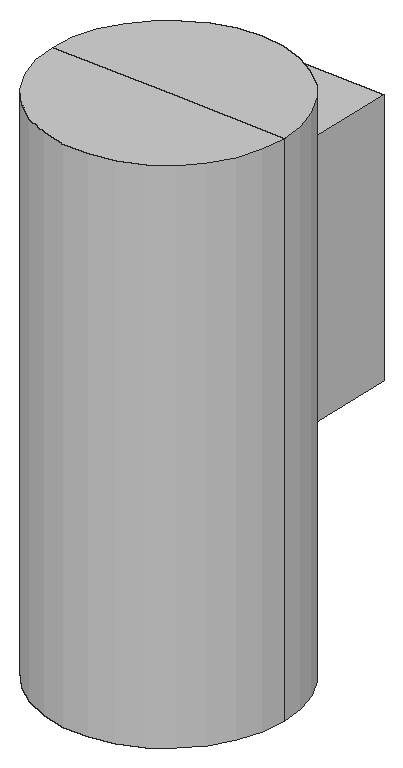
Revit family "WALL SINGLE TUBE 02_AM18W.1.38", category Luminarias, Revit 2019
Family settings
  Cota de conector redondo = Diámetro de uso
  Tipo de pieza = Normal
  Se basa en plano de trabajo = Sí
  Siempre vertical = No
  Corte con vacíos al cargar = No
  Origen de luz = Sí
  Compartido = No
  Punto de cálculo de habitación = No
Parameters (values of type "WALL SINGLE TUBE 02_AM18W.1.38")
  Ángulo de inclinación = 60.00°
  Zone [instance] = ""
  Watt per fixture = 20
  Wattage = 20 W
  built-in parameter 1150107 = 3000 (stored number, unit not read)
  built-in parameter 1150110 = 1 (stored number, unit not read)
  built-in parameter 1150109 = 1 (stored number, unit not read)
  built-in parameter 1150112 = 1 (stored number, unit not read)
  built-in parameter 1150113 = 1 (stored number, unit not read)
  built-in parameter 1114218 = 1 (stored number, unit not read)
  Keynote = ""
  built-in parameter 1150137 = (empty or 0)
  built-in parameter 1150132 = (empty or 0)
  Modelo = "AM18W.1.38"
  Lámpara = "NICHIA"
  built-in parameter 1150105 = 113.95 (stored number, unit not read)
  built-in parameter 1150102 = (empty or 0)
  built-in parameter 1150106 = 1.1395 (stored number, unit not read)
  Lumens = 1432 lm
  Color Filter = 16777215
  built-in parameter 1114217 = 1 (stored number, unit not read)
  built-in parameter 1150139 = (empty or 0)
  Fabricante = "BRILLANT"
  Default Elevation = 0 mm
  built-in parameter 1150104 = 6.6519 (stored number, unit not read)
  Descripción = "LUMINARIA DIRIGIBLE EN FORMA TUBULAR TIPO ARBOTANTE, DE MATERIAL EN ALEACION DE ALUMINIO EXTRUIDO CON UN PESO DE 2KG, CON 1 LED TIPO NICHIA CON UNA POTENCIA TOTAL DE 20W, 1432 LUMENES, TEMPERATURA EN BLANCO CALIDO 3000K, IRC 80, IP 65, IK10, APERTURA DE  38 GRADOS POR PROYECTO, CORRIENTE DE OPERACIÓN 178mA, CABLE DE 0.3M, ALIMENTADO A 100-277VAC"
  built-in parameter 1150115 = 1 (stored number, unit not read)
  built-in parameter 1150114 = 1 (stored number, unit not read)
  Comentarios de vataje = "100-277V"
  built-in parameter 1150138 = (empty or 0)
  built-in parameter 1150134 = (empty or 0)
  Circuit [instance] = ""
  Dimming Lamp Color Temperature Shift = (empty or 0)
  Archivo de red fotométrica = "AM18W.1_38º.IES"
  built-in parameter 1150133 = 10 (stored number, unit not read)
Reference planes
  plane 1 "Centro (Frontal/Posterior)": y = 0
  plane 2: z = 0
  plane 3 "Centro (Izquierda/Derecha)": x = 0
Forms (mm)
  Revolve 1, solid, material "Cristal", not visible
    sketch origin (-152, 0, 0) x (0, 1, 0) y (0, 0, -1)
      loop
        line (0, -8.749) -> (0, -7.25) -> (-1.499, -7.25)
        arc (-1.499, -7.25) -> (-1.06, -8.31) -> (0, -8.749) r 1.499
      axis (0, -7.25) -> (-1.499, -7.25)
    angle from 0 to 360
  Revolve 2, solid, material "Cristal", not visible
    sketch origin (-136, 0, 0) x (0, 1, 0) y (0, 0, -1)
      loop
        line (0, -8.749) -> (0, -7.25) -> (-1.499, -7.25)
        arc (-1.499, -7.25) -> (-1.06, -8.31) -> (0, -8.749) r 1.499
      axis (0, -7.25) -> (-1.499, -7.25)
    angle from 0 to 360
  Revolve 3, solid, material "Cristal", not visible
    sketch origin (-120, 0, 0) x (0, 1, 0) y (0, 0, -1)
      loop
        line (0, -8.749) -> (0, -7.25) -> (-1.499, -7.25)
        arc (-1.499, -7.25) -> (-1.06, -8.31) -> (0, -8.749) r 1.499
      axis (0, -7.25) -> (-1.499, -7.25)
    angle from 0 to 360
  Revolve 4, solid, material "Cristal", not visible
    sketch origin (-104, 0, 0) x (0, 1, 0) y (0, 0, -1)
      loop
        line (0, -8.749) -> (0, -7.25) -> (-1.499, -7.25)
        arc (-1.499, -7.25) -> (-1.06, -8.31) -> (0, -8.749) r 1.499
      axis (0, -7.25) -> (-1.499, -7.25)
    angle from 0 to 360
  Revolve 5, solid, material "Cristal", not visible
    sketch origin (-88, 0, 0) x (0, 1, 0) y (0, 0, -1)
      loop
        line (0, -8.749) -> (0, -7.25) -> (-1.499, -7.25)
        arc (-1.499, -7.25) -> (-1.06, -8.31) -> (0, -8.749) r 1.499
      axis (0, -7.25) -> (-1.499, -7.25)
    angle from 0 to 360
  Revolve 6, solid, material "Cristal", not visible
    sketch origin (-72, 0, 0) x (0, 1, 0) y (0, 0, -1)
      loop
        line (0, -8.749) -> (0, -7.25) -> (-1.499, -7.25)
        arc (-1.499, -7.25) -> (-1.06, -8.31) -> (0, -8.749) r 1.499
      axis (0, -7.25) -> (-1.499, -7.25)
    angle from 0 to 360
  Revolve 7, solid, material "Cristal", not visible
    sketch origin (-56, 0, 0) x (0, 1, 0) y (0, 0, -1)
      loop
        line (0, -8.749) -> (0, -7.25) -> (-1.499, -7.25)
        arc (-1.499, -7.25) -> (-1.06, -8.31) -> (0, -8.749) r 1.499
      axis (0, -7.25) -> (-1.499, -7.25)
    angle from 0 to 360
  Revolve 8, solid, material "Cristal", not visible
    sketch origin (-40, 0, 0) x (0, 1, 0) y (0, 0, -1)
      loop
        line (0, -8.749) -> (0, -7.25) -> (-1.499, -7.25)
        arc (-1.499, -7.25) -> (-1.06, -8.31) -> (0, -8.749) r 1.499
      axis (0, -7.25) -> (-1.499, -7.25)
    angle from 0 to 360
  Revolve 9, solid, material "Cristal", not visible
    sketch origin (-24, 0, 0) x (0, 1, 0) y (0, 0, -1)
      loop
        line (0, -8.749) -> (0, -7.25) -> (-1.499, -7.25)
        arc (-1.499, -7.25) -> (-1.06, -8.31) -> (0, -8.749) r 1.499
      axis (0, -7.25) -> (-1.499, -7.25)
    angle from 0 to 360
  Revolve 10, solid, material "Cristal", not visible
    sketch origin (-8, 0, 0) x (0, 1, 0) y (0, 0, -1)
      loop
        line (0, -8.749) -> (0, -7.25) -> (-1.499, -7.25)
        arc (-1.499, -7.25) -> (-1.06, -8.31) -> (0, -8.749) r 1.499
      axis (0, -7.25) -> (-1.499, -7.25)
    angle from 0 to 360
  Revolve 11, solid, material "Cristal", not visible
    sketch origin (8, 0, 0) x (0, 1, 0) y (0, 0, -1)
      loop
        line (0, -8.749) -> (0, -7.25) -> (-1.499, -7.25)
        arc (-1.499, -7.25) -> (-1.06, -8.31) -> (0, -8.749) r 1.499
      axis (0, -7.25) -> (-1.499, -7.25)
    angle from 0 to 360
  Revolve 12, solid, material "Cristal", not visible
    sketch origin (24, 0, 0) x (0, 1, 0) y (0, 0, -1)
      loop
        line (0, -8.749) -> (0, -7.25) -> (-1.499, -7.25)
        arc (-1.499, -7.25) -> (-1.06, -8.31) -> (0, -8.749) r 1.499
      axis (0, -7.25) -> (-1.499, -7.25)
    angle from 0 to 360
  Revolve 13, solid, material "Cristal", not visible
    sketch origin (40, 0, 0) x (0, 1, 0) y (0, 0, -1)
      loop
        line (0, -8.749) -> (0, -7.25) -> (-1.499, -7.25)
        arc (-1.499, -7.25) -> (-1.06, -8.31) -> (0, -8.749) r 1.499
      axis (0, -7.25) -> (-1.499, -7.25)
    angle from 0 to 360
  Revolve 14, solid, material "Cristal", not visible
    sketch origin (56, 0, 0) x (0, 1, 0) y (0, 0, -1)
      loop
        line (0, -8.749) -> (0, -7.25) -> (-1.499, -7.25)
        arc (-1.499, -7.25) -> (-1.06, -8.31) -> (0, -8.749) r 1.499
      axis (0, -7.25) -> (-1.499, -7.25)
    angle from 0 to 360
  Revolve 15, solid, material "Cristal", not visible
    sketch origin (72, 0, 0) x (0, 1, 0) y (0, 0, -1)
      loop
        line (0, -8.749) -> (0, -7.25) -> (-1.499, -7.25)
        arc (-1.499, -7.25) -> (-1.06, -8.31) -> (0, -8.749) r 1.499
      axis (0, -7.25) -> (-1.499, -7.25)
    angle from 0 to 360
  Revolve 16, solid, material "Cristal", not visible
    sketch origin (88, 0, 0) x (0, 1, 0) y (0, 0, -1)
      loop
        line (0, -8.749) -> (0, -7.25) -> (-1.499, -7.25)
        arc (-1.499, -7.25) -> (-1.06, -8.31) -> (0, -8.749) r 1.499
      axis (0, -7.25) -> (-1.499, -7.25)
    angle from 0 to 360
  Revolve 17, solid, material "Cristal", not visible
    sketch origin (104, 0, 0) x (0, 1, 0) y (0, 0, -1)
      loop
        line (0, -8.749) -> (0, -7.25) -> (-1.499, -7.25)
        arc (-1.499, -7.25) -> (-1.06, -8.31) -> (0, -8.749) r 1.499
      axis (0, -7.25) -> (-1.499, -7.25)
    angle from 0 to 360
  Revolve 18, solid, material "Cristal", not visible
    sketch origin (120, 0, 0) x (0, 1, 0) y (0, 0, -1)
      loop
        line (0, -8.749) -> (0, -7.25) -> (-1.499, -7.25)
        arc (-1.499, -7.25) -> (-1.06, -8.31) -> (0, -8.749) r 1.499
      axis (0, -7.25) -> (-1.499, -7.25)
    angle from 0 to 360
  Revolve 19, solid, material "Cristal", not visible
    sketch origin (136, 0, 0) x (0, 1, 0) y (0, 0, -1)
      loop
        line (0, -8.749) -> (0, -7.25) -> (-1.499, -7.25)
        arc (-1.499, -7.25) -> (-1.06, -8.31) -> (0, -8.749) r 1.499
      axis (0, -7.25) -> (-1.499, -7.25)
    angle from 0 to 360
  Revolve 20, solid, material "Cristal", not visible
    sketch origin (152, 0, 0) x (0, 1, 0) y (0, 0, -1)
      loop
        line (0, -8.749) -> (0, -7.25) -> (-1.499, -7.25)
        arc (-1.499, -7.25) -> (-1.06, -8.31) -> (0, -8.749) r 1.499
      axis (0, -7.25) -> (-1.499, -7.25)
    angle from 0 to 360
  Revolve 21, solid, material "Acero Inoxidable"
    sketch origin (0, -72, 120.325) x (-1, 0, 0) y (0, 0, 1)
      loop
        line (0, 104.435) -> (-50, 104.435) -> (-50, -120.325) -> (-45.45, -120.325) -> (-45.45, -119.441) -> (-44.649, -119.441) -> (-44.649, -120.325) -> (-39.84, -120.325) -> (-39.84, -119.453)
        arc (-39.84, -119.453) -> (-29.528, -112.244) -> (-17.374, -108.997) r 36.226
        line (-17.374, -108.997) -> (0, -108.997) -> (0, 104.435)
      axis (0, 104.435) -> (0, -120.325)
    angle from 0 to 360
  Extrusion 22, solid, material "Cristal"
    sketch origin (0, 19.494, 0) x (1, 0, 0) y (0, 1, 0)
      loop
        circle (0, -91.494) r 40
    from 0 to 0.872
  Extrusion 23, solid, material "Acero Inoxidable"
    sketch origin (0, 0, 0) x (1, 0, 0) y (0, 1, 0)
      loop
        line (-35, 0) -> (-35, -52.635)
        arc (-35, -52.635) -> (0, -32) -> (35, -52.635) r 40
        line (35, -52.635) -> (35, 0) -> (-35, 0)
    from 94.411 to 204.715
  Extrusion 24, void
    sketch origin (0, 0, 0) x (1, 0, 0) y (0, 1, 0)
      loop
        circle (0, -29.396) r 1.283
      loop
        circle (-40.519, -58.835) r 1.283
      loop
        circle (25.042, -106.468) r 1.283
      loop
        circle (40.519, -58.835) r 1.283
      loop
        circle (-25.042, -106.468) r 1.283
    from 0 to 1.671
  Extrusion 25, solid, material "Acero Inoxidable"
    sketch origin (0, 0, 0) x (1, 0, 0) y (0, 1, 0)
      loop
        circle (25.042, -106.468) r 1.084
      loop
        line (24.252, -106.468) -> (24.647, -107.152) -> (25.437, -107.152) -> (25.832, -106.468) -> (25.437, -105.783) -> (24.647, -105.783) -> (24.252, -106.468)
      loop
        circle (-25.042, -106.468) r 1.084
      loop
        line (-25.832, -106.468) -> (-25.437, -107.152) -> (-24.647, -107.152) -> (-24.252, -106.468) -> (-24.647, -105.783) -> (-25.437, -105.783) -> (-25.832, -106.468)
      loop
        circle (-40.519, -58.835) r 1.084
      loop
        line (-39.729, -58.835) -> (-40.124, -58.15) -> (-40.914, -58.15) -> (-41.309, -58.835) -> (-40.914, -59.519) -> (-40.124, -59.519) -> (-39.729, -58.835)
      loop
        circle (-0.023, -29.396) r 1.084
      loop
        line (-0.813, -29.396) -> (-0.418, -30.08) -> (0.372, -30.08) -> (0.767, -29.396) -> (0.372, -28.711) -> (-0.418, -28.711) -> (-0.813, -29.396)
      loop
        circle (40.519, -58.835) r 1.084
      loop
        line (41.309, -58.835) -> (40.914, -58.15) -> (40.124, -58.15) -> (39.729, -58.835) -> (40.124, -59.519) -> (40.914, -59.519) -> (41.309, -58.835)
    from 0 to 1.671
  Extrusion 26, void
    sketch origin (0, 0, 0) x (1, 0, 0) y (0, 1, 0)
      loop
        circle (-20.22, -13.334) r 3.469
      loop
        circle (20.22, -13.334) r 3.469
    from 94.411 to 97.721
  Extrusion 27, solid, material "Aluminio"
    sketch origin (0, 0, 0) x (1, 0, 0) y (0, 1, 0)
      loop
        circle (-20.22, -13.334) r 3.271
      loop
        line (-22.643, -12.929) -> (-22.643, -13.738) -> (-20.62, -13.738) -> (-20.62, -15.757) -> (-19.82, -15.757) -> (-19.82, -13.738) -> (-17.797, -13.738) -> (-17.797, -12.929) -> (-19.82, -12.929) -> (-19.82, -10.911) -> (-20.62, -10.911) -> (-20.62, -12.929) -> (-22.643, -12.929)
      loop
        circle (20.22, -13.334) r 3.271
      loop
        line (22.643, -12.929) -> (20.62, -12.929) -> (20.62, -10.911) -> (19.82, -10.911) -> (19.82, -12.929) -> (17.797, -12.929) -> (17.797, -13.738) -> (19.82, -13.738) -> (19.82, -15.757) -> (20.62, -15.757) -> (20.62, -13.738) -> (22.643, -13.738) -> (22.643, -12.929)
    from 94.411 to 97.721
Cuts and joins
  Extrusion 24 cuts Revolve 21
  Extrusion 26 cuts Extrusion 23
Lines and regions (mm)
  model lines
    curve 1: line (0, 0, 0) -> (0, -112, 0)
    curve 2: line (0, 0, 0) -> (0, -140, 0)
    curve 3: line (50, 0, 169) -> (50, 0, 189)
    curve 4: line (-1.283, -29.396, 0) -> (1.283, -29.396, 0)
Dimensions and locks
  equal spacing: Extrusion 23 sketch curve, plane 3 "Centro (Izquierda/Derecha)", Extrusion 23 sketch curve
  Extrusion 23 sketch curve to plane 3 "Centro (Izquierda/Derecha)" = 35 mm
  Extrusion 23 sketch curve to Extrusion 23 sketch curve = 70 mm
  Extrusion 23 to Extrusion 23 = 70 mm
  Extrusion 23 to Extrusion 23 = 110.303 mm
  cut or joined group of Revolve 21, Extrusion 24 to cut or joined group of Revolve 21, Extrusion 24 = 224.761 mm
  aligned and locked: level to plane 2
  aligned and locked: Extrusion 22 to level
  aligned and locked: Extrusion 26 to Extrusion 27
  aligned and locked: Extrusion 23 to Extrusion 26
Connectors
  electrical at (0, 0, 149.563)
    settings: on cut or joined group of Extrusion 23, Extrusion 26, index 1, voltage 277 V, apparent load 0 VA, apparent load phase1 0 VA, apparent load phase2 0 VA, apparent load phase3 0 VA, power factor 1, load classification "Otro", number of poles 1, system type 31, power factor state 1, is connector primary yes, connector utility no, sub classification motor no, connector description ""
